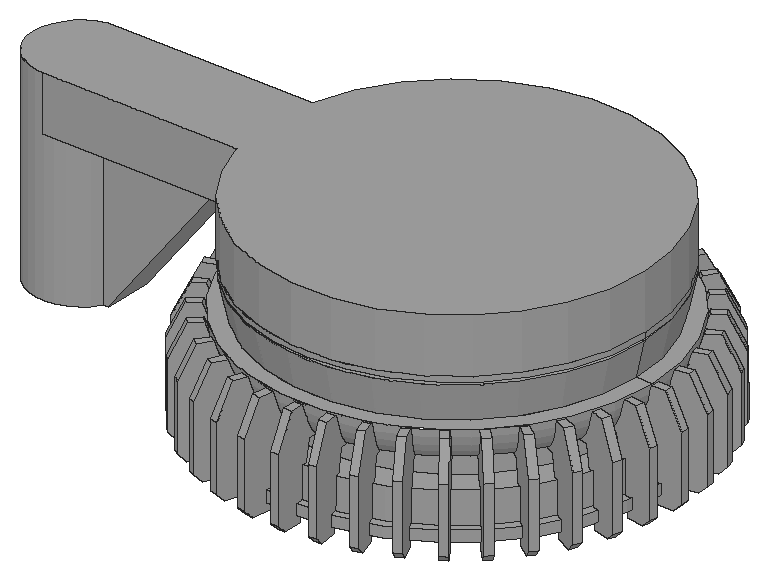
Revit family "KSL_Kemlu-Sanchion [0deg] Mount", category Lighting Fixtures, host Face, Revit 2021 (continued)
Definition of nested family "KSL"
  Automatic sketch dimensions
    Extrusion 37 sketch curve to Extrusion 37 sketch curve = 0' - 0.57179"
    Extrusion 37 sketch curve to Extrusion 37 sketch curve = 0' - 0 1/4"  (x2)
    Extrusion 37 sketch curve to Extrusion 37 sketch curve = 0' - 0.39395"
    Extrusion 37 sketch curve to Extrusion 37 sketch curve = 0' - 1.02515"
    Extrusion 37 sketch curve to Extrusion 37 sketch curve = 0' - 0.67103"
    Extrusion 37 sketch curve to Extrusion 37 sketch curve = 0' - 1.93305"
    Extrusion 37 sketch curve to Extrusion 37 sketch curve = 0' - 0.08345"
    Extrusion 38 sketch curve to Extrusion 38 sketch curve = 0' - 0 7/16"
    Extrusion 38 sketch curve to Extrusion 38 sketch curve = 0' - 0.13206"
    Extrusion 38 sketch curve to Extrusion 38 sketch curve = 0' - 0.295"
    Extrusion 38 sketch curve to Extrusion 38 sketch curve = 0' - 0.38321"
    Extrusion 38 sketch curve to Extrusion 38 sketch curve = 0' - 0.43044"
    Extrusion 38 sketch curve to Extrusion 38 sketch curve = 0' - 0.57179"
    Extrusion 38 sketch curve to Extrusion 38 sketch curve = 0' - 0 1/4"  (x2)
    Extrusion 38 sketch curve to Extrusion 38 sketch curve = 0' - 0.39395"
    Extrusion 38 sketch curve to Extrusion 38 sketch curve = 0' - 1.02515"
    Extrusion 38 sketch curve to Extrusion 38 sketch curve = 0' - 0.67103"
    Extrusion 38 sketch curve to Extrusion 38 sketch curve = 0' - 1.93305"
    Extrusion 38 sketch curve to Extrusion 38 sketch curve = 0' - 0.08345"
    Extrusion 39 sketch curve to Extrusion 39 sketch curve = 0' - 0 7/16"
    Extrusion 39 sketch curve to Extrusion 39 sketch curve = 0' - 0.13206"
    Extrusion 39 sketch curve to Extrusion 39 sketch curve = 0' - 0.295"
    Extrusion 39 sketch curve to Extrusion 39 sketch curve = 0' - 0.38321"
    Extrusion 39 sketch curve to Extrusion 39 sketch curve = 0' - 0.43044"
    Extrusion 39 sketch curve to Extrusion 39 sketch curve = 0' - 0.57179"
    Extrusion 39 sketch curve to Extrusion 39 sketch curve = 0' - 0 1/4"  (x2)
    Extrusion 39 sketch curve to Extrusion 39 sketch curve = 0' - 0.39395"
    Extrusion 39 sketch curve to Extrusion 39 sketch curve = 0' - 1.02515"
    Extrusion 39 sketch curve to Extrusion 39 sketch curve = 0' - 0.67103"
    Extrusion 39 sketch curve to Extrusion 39 sketch curve = 0' - 1.93305"
    Extrusion 39 sketch curve to Extrusion 39 sketch curve = 0' - 0.08345"
    Extrusion 40 sketch curve to Extrusion 40 sketch curve = 0' - 0 7/16"
    Extrusion 40 sketch curve to Extrusion 40 sketch curve = 0' - 0.13206"
    Extrusion 40 sketch curve to Extrusion 40 sketch curve = 0' - 0.295"
    Extrusion 40 sketch curve to Extrusion 40 sketch curve = 0' - 0.38321"
    Extrusion 40 sketch curve to Extrusion 40 sketch curve = 0' - 0.43044"
    Extrusion 40 sketch curve to Extrusion 40 sketch curve = 0' - 0.57179"
    Extrusion 40 sketch curve to Extrusion 40 sketch curve = 0' - 0 1/4"  (x2)
    Extrusion 40 sketch curve to Extrusion 40 sketch curve = 0' - 0.39395"
    Extrusion 40 sketch curve to Extrusion 40 sketch curve = 0' - 1.02515"
    Extrusion 40 sketch curve to Extrusion 40 sketch curve = 0' - 0.67103"
    Extrusion 40 sketch curve to Extrusion 40 sketch curve = 0' - 1.93305"
    Extrusion 40 sketch curve to Extrusion 40 sketch curve = 0' - 0.08345"
    Extrusion 41 sketch curve to Extrusion 41 sketch curve = 0' - 0 7/16"
    Extrusion 41 sketch curve to Extrusion 41 sketch curve = 0' - 0.13206"
    Extrusion 41 sketch curve to Extrusion 41 sketch curve = 0' - 0.295"
    Extrusion 41 sketch curve to Extrusion 41 sketch curve = 0' - 0.38321"
    Extrusion 41 sketch curve to Extrusion 41 sketch curve = 0' - 0.43044"
    Extrusion 41 sketch curve to Extrusion 41 sketch curve = 0' - 0.57179"
    Extrusion 41 sketch curve to Extrusion 41 sketch curve = 0' - 0 1/4"  (x2)
    Extrusion 41 sketch curve to Extrusion 41 sketch curve = 0' - 0.39395"
    Extrusion 41 sketch curve to Extrusion 41 sketch curve = 0' - 1.02515"
    Extrusion 41 sketch curve to Extrusion 41 sketch curve = 0' - 0.67103"
    Extrusion 41 sketch curve to Extrusion 41 sketch curve = 0' - 1.93305"
    Extrusion 41 sketch curve to Extrusion 41 sketch curve = 0' - 0.08345"
    Extrusion 42 sketch curve to Extrusion 42 sketch curve = 0' - 0 7/16"
    Extrusion 42 sketch curve to Extrusion 42 sketch curve = 0' - 0.13206"
    Extrusion 42 sketch curve to Extrusion 42 sketch curve = 0' - 0.295"
    Extrusion 42 sketch curve to Extrusion 42 sketch curve = 0' - 0.38321"
    Extrusion 42 sketch curve to Extrusion 42 sketch curve = 0' - 0.43044"
    Extrusion 42 sketch curve to Extrusion 42 sketch curve = 0' - 0.57179"
    Extrusion 42 sketch curve to Extrusion 42 sketch curve = 0' - 0 1/4"  (x2)
    Extrusion 42 sketch curve to Extrusion 42 sketch curve = 0' - 0.39395"
    Extrusion 42 sketch curve to Extrusion 42 sketch curve = 0' - 1.02515"
    Extrusion 42 sketch curve to Extrusion 42 sketch curve = 0' - 0.67103"
    Extrusion 42 sketch curve to Extrusion 42 sketch curve = 0' - 1.93305"
    Extrusion 42 sketch curve to Extrusion 42 sketch curve = 0' - 0.08345"
    Extrusion 43 sketch curve to Extrusion 43 sketch curve = 0' - 0 7/16"
    Extrusion 43 sketch curve to Extrusion 43 sketch curve = 0' - 0.13206"
    Extrusion 43 sketch curve to Extrusion 43 sketch curve = 0' - 0.295"
    Extrusion 43 sketch curve to Extrusion 43 sketch curve = 0' - 0.38321"
    Extrusion 43 sketch curve to Extrusion 43 sketch curve = 0' - 0.43044"
    Extrusion 43 sketch curve to Extrusion 43 sketch curve = 0' - 0.57179"
    Extrusion 43 sketch curve to Extrusion 43 sketch curve = 0' - 0 1/4"  (x2)
    Extrusion 43 sketch curve to Extrusion 43 sketch curve = 0' - 0.39395"
    Extrusion 43 sketch curve to Extrusion 43 sketch curve = 0' - 1.02515"
    Extrusion 43 sketch curve to Extrusion 43 sketch curve = 0' - 0.67103"
    Extrusion 43 sketch curve to Extrusion 43 sketch curve = 0' - 1.93305"
    Extrusion 43 sketch curve to Extrusion 43 sketch curve = 0' - 0.08345"
    Extrusion 1 sketch curve to Extrusion 1 sketch curve = 8' - 0"  (x2)
    curve 8 to plane 7 = 0' - 0.35927"
    level to curve 10 = 0' - 1 3/4"
    curve 1 to plane 3 "Center (Left/Right)" = 0' - 0"
    plane 7 to curve 5 = 0' - 0"
    curve 11 to plane 7 = 0' - 0.35927"
    curve 2 to plane 7 = 0' - 0.45302"
    curve 8 to curve 8 = 0' - 0.39073"
    curve 2 to curve 4 = 0' - 0.39073"
    curve 4 to curve 4 = 0' - 0 1/4"
    plane 7 to curve 10 = 0' - 0.75471"
    plane 7 to curve 7 = 0' - 0.72501"
    plane 7 to curve 11 = 0' - 0.6022"
    plane 7 to curve 12 = 0' - 0.39176"
    plane 5 to curve 12 = 0' - 0.25875"
    curve 9 to curve 9 = 0' - 1"
    curve 7 to curve 6 = 0' - 0.62254"
    curve 5 to curve 2 = 0' - 0.37746"
    Revolve 2 sketch curve to level = 0' - 0"
    Revolve 2 sketch curve to plane 3 "Center (Left/Right)" = 0' - 0"  (x2)
    plane 7 to Revolve 2 sketch curve = 0' - 0"  (x2)
    level to Revolve 2 sketch curve = 0' - 0.16729"
    Revolve 2 sketch curve to plane 7 = 0' - 0.23742"
    Revolve 2 sketch curve to Revolve 2 sketch curve = 0' - 0.39032"
    Revolve 2 sketch curve to plane 7 = 0' - 0.45302"
    Revolve 2 sketch curve to Revolve 2 sketch curve = 0' - 0.49031"
    Revolve 2 sketch curve to Revolve 2 sketch curve = 0' - 0.00969"
    Revolve 2 sketch curve to Revolve 2 sketch curve = 0' - 0.51192"
    Revolve 2 sketch curve to Revolve 2 sketch curve = 0' - 0.39073"
    Revolve 2 sketch curve to Revolve 2 sketch curve = 0' - 0 1/4"
    plane 7 to Revolve 2 sketch curve = 0' - 0.70329"
    Revolve 2 sketch curve to Revolve 2 sketch curve = 0' - 0.08271"
    Revolve 2 sketch curve to Revolve 2 sketch curve = 0' - 1 1/8"
    Revolve 2 sketch curve to Revolve 2 sketch curve = 0' - 0.72893"
    Revolve 2 sketch curve to Revolve 2 sketch curve = 0' - 0.37746"
    Revolve 2 sketch curve to Revolve 2 sketch curve = 0' - 0.62007"
    Revolve 2 sketch curve to Revolve 2 sketch curve = 0' - 0.3497"
    Revolve 2 sketch curve to Revolve 2 sketch curve = 0' - 5 13/16"
    level to curve 6 = 0' - 5.37007"
    curve 4 to curve 12 = 0' - 0.3497"
    curve 4 to curve 2 = 0' - 0.55259"
    curve 12 to curve 3 = 0' - 0.2029"
    Revolve 2 sketch curve to Revolve 2 sketch curve = 0' - 3 3/4"
Types (10): name | Wattage Comments | Wattage | Watt | Photometric Web File | Optics | built-in parameter 1150105 | Lumens | Lamp | built-in parameter 1150106 | built-in parameter 1150104 | Apparent Load
  (no name) | "43 Watts" | 43 W | 43 W | "KXL-18L-X-5K-5M.ies" | "Type V Square" | 352.45 (stored number, unit not read) | 4429 lm | "18 High Performanc LEDs" | 3.5245 (stored number, unit not read) | 9.569 (stored number, unit not read) | 43 VA
  KSL-18L-X-5K-5M | "43 Watts" | 43 W | 43 W | "KXL-18L-X-5K-5M.ies" | "Type V Square" | 352.45 (stored number, unit not read) | 4429 lm | "18 High Performanc LEDs" | 3.5245 (stored number, unit not read) | 9.569 (stored number, unit not read) | 43 VA
  KSL-18L-X-5K-5R | "43 Watts" | 43 W | 43 W | "KXL-18L-X-5K-5R.ies" | "Type V Rectangle" | 345.6 (stored number, unit not read) | 4343 lm | "18 High Performanc LEDs" | 3.456 (stored number, unit not read) | 9.3832 (stored number, unit not read) | 43 VA
  KSL-18L-X-5K-N | "43 Watts" | 43 W | 43 W | "KXL-18L-X-5K-N.ies" | "Narrow" | 349.03 (stored number, unit not read) | 4386 lm | "18 High Performanc LEDs" | 3.4903 (stored number, unit not read) | 9.4761 (stored number, unit not read) | 43 VA
  KSL-24L-X-5K-5M | "57 Watts" | 57 W | 57 W | "KXL-24L-X-5K-5M.ies" | "Type V Square" | 476.27 (stored number, unit not read) | 5985 lm | "24 High Performanc LEDs" | 4.7627 (stored number, unit not read) | 9.7548 (stored number, unit not read) | 57 VA
  KSL-24L-X-5K-5R | "57 Watts" | 57 W | 57 W | "KXL-24L-X-5K-5R.ies" | "Type V Rectangle" | 453.59 (stored number, unit not read) | 5700 lm | "24 High Performanc LEDs" | 4.5359 (stored number, unit not read) | 9.2903 (stored number, unit not read) | 57 VA
  KSL-24L-X-5K-N | "57 Watts" | 57 W | 57 W | "KXL-24L-X-5K-N.ies" | "Narrow" | 467.2 (stored number, unit not read) | 5871 lm | "24 High Performanc LEDs" | 4.672 (stored number, unit not read) | 9.569 (stored number, unit not read) | 57 VA
  KSL-36L-X-5K-5M | "86 Watts" | 86 W | 86 W | "KXL-36L-X-5K-5M.ies" | "Type V Square" | 718.58 (stored number, unit not read) | 9030 lm | "36 High Performanc LEDs" | 7.1858 (stored number, unit not read) | 9.7548 (stored number, unit not read) | 86 VA
  KSL-36L-X-5K-5R | "86 Watts" | 86 W | 86 W | "KXL-36L-X-5K-5R.ies" | "Type V Rectangle" | 677.52 (stored number, unit not read) | 8514 lm | "36 High Performanc LEDs" | 6.7752 (stored number, unit not read) | 9.1974 (stored number, unit not read) | 86 VA
  KSL-36L-X-5K-N | "86 Watts" | 86 W | 86 W | "KXL-36L-X-5K-N.ies" | "Narrow" | 698.05 (stored number, unit not read) | 8772 lm | "36 High Performanc LEDs" | 6.9805 (stored number, unit not read) | 9.4761 (stored number, unit not read) | 86 VA
